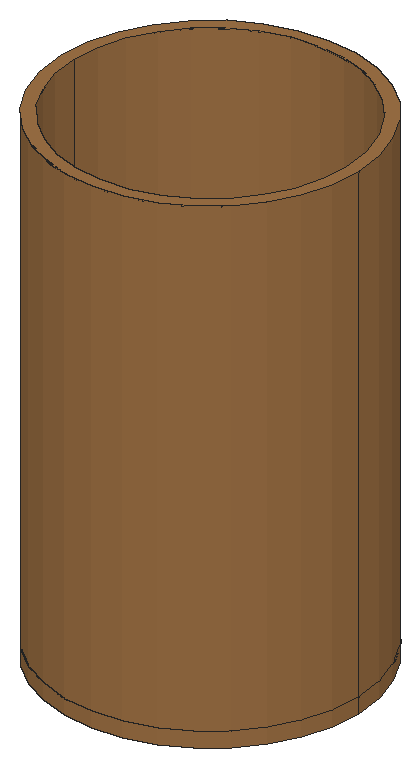
Revit family "PIT", category Generic Models, host Floor, Revit 2020
Family settings
  Host = Floor
  Can host rebar = No
  Round Connector Dimension = Use Diameter
  Part Type = Normal
  Always vertical = Yes
  Cut with Voids When Loaded = Yes
  Shared = No
  Room Calculation Point = No
Parameters
  extrusion end [instance] = -depth * 1000  # -3000 mm
  depth [instance] = 3 mm
  base [instance] = extrusion end - 100 mm  # -3100 mm
  Default Elevation = 0 mm
Reference planes
  plane 1 "Center (Front/Back)": y = 0
  plane 2: z = 0
  plane 3 "Center (Left/Right)": x = 0
Forms (mm)
  Blend 1, void
    base sketch origin (0, 0, 0) x (1, 0, 0) y (0, 1, 0)
      loop
        line (720, 415.692) -> (0, 831.384) -> (-720, 415.692) -> (-720, -415.692) -> (0, -831.384) -> (720, -415.692) -> (720, 415.692)
    top sketch origin (0, 0, 0) x (1, 0, 0) y (0, 1, 0)
      loop
        circle (0, 0) r 600
    from 0 to -3000 <- "extrusion end"
  Extrusion 2, solid
    sketch origin (0, 0, 0) x (1, 0, 0) y (0, 1, 0)
      loop
        circle (0, 0) r 900
      loop
        circle (0, 0) r 980
    from -3000 <- "extrusion end" to 100
  Extrusion 3, solid
    sketch origin (0, 0, 0) x (1, 0, 0) y (0, 1, 0)
      loop
        circle (0, 0) r 980
    from -3100 <- "base" to -3000 <- "extrusion end"
Dimensions and locks
  aligned and locked: level to plane 2
